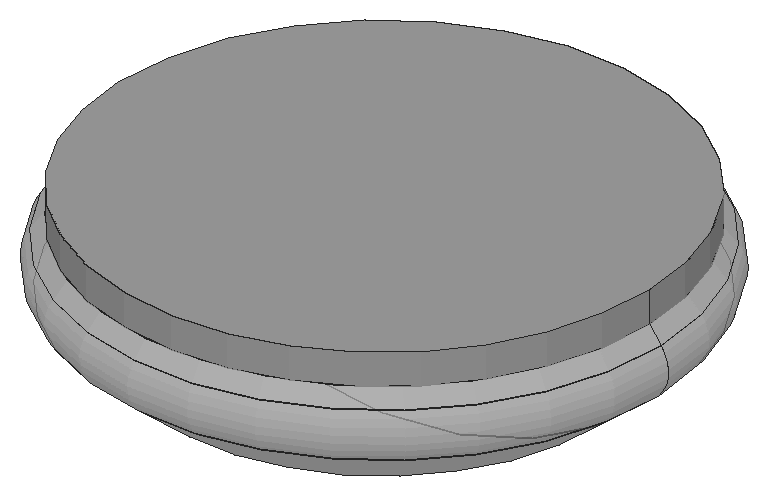
Revit family
Parameters (values of type "PIRES DL-60O")
  built-in parameter 1150105 = 3174 (stored number, unit not read)
  Dimming Lamp Color Temperature Shift = (empty or 0)
  built-in parameter 1150139 = (empty or 0)
  built-in parameter 1150133 = 10 (stored number, unit not read)
  built-in parameter 1150109 = 1 (stored number, unit not read)
  built-in parameter 1114218 = 1 (stored number, unit not read)
  built-in parameter 1150110 = 1 (stored number, unit not read)
  built-in parameter 1150112 = 1 (stored number, unit not read)
  built-in parameter 1150113 = 1 (stored number, unit not read)
  Lumens = 3366.6 lm
  Manufacturer = "KANLUX"  # constant formula
  built-in parameter 1150107 = 2800 (stored number, unit not read)
  Keynote = "08810"
  Tilt Angle = 90.00°
  Apparent Load = 60 VA
  built-in parameter 1150106 = 31.74 (stored number, unit not read)
  Model = "PIRES DL-60O"
  Wattage = 60 W
  built-in parameter 1150137 = (empty or 0)
  built-in parameter 1150132 = (empty or 0)
  Materiał klosza = klosz
  Materiał obudowy = obudowa
  built-in parameter 1010507 = 2.0944 (stored number, unit not read)
  built-in parameter 1010506 = 1.0472 (stored number, unit not read)
  built-in parameter 1150138 = (empty or 0)
  built-in parameter 1150134 = 4
  built-in parameter 1150102 = (empty or 0)
  Color Filter = 16777215
  Emit from Circle Diameter = 280 mm
  Emit Shape Visible in Rendering = no
  built-in parameter 1150104 = 5.2128 (stored number, unit not read)
  Light Source Symbol Length = 3048 mm
  Default Elevation = 100 mm
  built-in parameter 1150115 = 1 (stored number, unit not read)
  built-in parameter 1150114 = 1 (stored number, unit not read)
  built-in parameter 1114217 = 1 (stored number, unit not read)
Types (3, lengths in mm): name | built-in parameter 1150105 | Lumens | Keynote | Apparent Load | built-in parameter 1150106 | Model | Wattage
  (no name) | 3174 (stored number, unit not read) | 3366.6 lm | "08810" | 60 VA | 31.74 (stored number, unit not read) | "PIRES DL-60O" | 60 W
  PIRES ECO DL-25O | 1322.5 (stored number, unit not read) | 1402.75 lm | "19000" | 25 VA | 13.225 (stored number, unit not read) | "PIRES ECO DL-25O" | 25 W
  PIRES DL-60O | 3174 (stored number, unit not read) | 3366.6 lm | "08810" | 60 VA | 31.74 (stored number, unit not read) | "PIRES DL-60O" | 60 W
Reference planes
  plane 1 "Środek (Przód/Tył)": y = 0
  plane 2: z = 0
  plane 3 "Środek (Lewa/Prawa)": x = 0
  plane 4 "rzędna": z = -100
  plane 5: z = 0
  plane 6: x = -140
  plane 7: x = 140
  plane 8: y = 140
  plane 9: y = -140
  plane 10: z = -15
  plane 11: z = -34
Forms (mm)
  Extrusion 1, solid, not visible
    sketch origin (0, 0, 0) x (1, 0, 0) y (0, 1, 0)
      loop
        line (-1219.2, 1219.2) -> (-1219.2, -1219.2) -> (1219.2, -1219.2) -> (1219.2, 1219.2) -> (-1219.2, 1219.2)
    from 0 to 304.8
  Extrusion 2, solid, material "obudowa" <- "Materiał obudowy"
    sketch origin (-689.471, -4572, 0) x (-1, 0, 0) y (0, -1, 0)
      loop
        circle (-689.471, -4572) r 130
    from 0 to -15
  Revolve 3, solid, material "klosz" <- "Materiał klosza"
    sketch origin (0, 0, 0) x (1, 0, 0) y (0, 0, 1)
      loop
        arc (-134.455, -45.173) -> (-72.602, -85.767) -> (0, -100) r 192.28
        line (0, -100) -> (0, -15) -> (-130, -15) -> (-135.911, -22.487)
        arc (-135.911, -22.487) -> (-139.533, -34.109) -> (-134.455, -45.173) r 17
      axis (0, -15) -> (0, -100)
    angle from 0 to 360
Dimensions and locks
  "Default Elevation": level to plane 4 "rzędna"
  locked: plane 5 to plane 4 "rzędna" at 100
  equal spacing: plane 6, plane 3 "Środek (Lewa/Prawa)", plane 7
  locked: plane 6 to plane 7 at 280
  equal spacing: plane 9, plane 1 "Środek (Przód/Tył)", plane 8
  locked: plane 9 to plane 8 at 280
  locked: plane 5 to plane 10 at 15
  locked: plane 5 to plane 11 at 34
  aligned and locked: plane 2 to Extrusion 1
  aligned and locked: level to Extrusion 1
  aligned and locked: Extrusion 2 to plane 10
  aligned and locked: Revolve 3 sketch curve to plane 10
  aligned and locked: Revolve 3 sketch curve to plane 3 "Środek (Lewa/Prawa)"
  aligned and locked: imposter light to plane 11
Automatic sketch dimensions
  Extrusion 1 sketch curve to Extrusion 1 sketch curve = 2438.4 mm  (x2)
  plane 1 "Środek (Przód/Tył)" to Extrusion 2 sketch curve = 0 mm
  Extrusion 2 sketch curve to plane 3 "Środek (Lewa/Prawa)" = 0 mm
  plane 11 to Revolve 3 sketch curve = 0.979 mm
  Revolve 3 sketch curve to plane 6 = 5.545 mm
  Revolve 3 sketch curve to plane 6 = 4.089 mm
  Revolve 3 sketch curve to plane 11 = 11.173 mm
  Revolve 3 sketch curve to Revolve 3 sketch curve = 0 mm
  Revolve 3 sketch curve to plane 6 = 10 mm
  Revolve 3 sketch curve to plane 4 "rzędna" = 0 mm
  radius of Extrusion 2 sketch curve = 130 mm
Connectors
  electrical at (0, 0, 0), driven by "Apparent Load"
    settings: on plane 5, index 1
